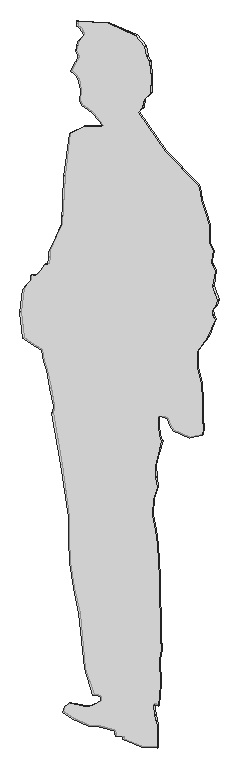
Revit family "Flat Man 17", category Entourage, Revit 2015
Parameters
  Flat Material [instance] = none
  Height = 0 mm
Reference planes
  plane 1 "Center (Front/Back)": y = 0
  plane 2: z = 0
  plane 3 "Center (Left/Right)": x = 0
Forms (mm)
  Extrusion 1, solid, material <- "Flat Material"
    sketch origin (0, 0, 0) x (1, 0, 0) y (0, 0, 1)
      loop
        line (208.203, 1514.572) -> (202.546, 1532.621) -> (104.775, 1587.572) -> (25.377, 1662.333) -> (39.335, 1678.362) -> (44.357, 1703.463) -> (54.288, 1714.231) -> (63.339, 1725.613) -> (64.138, 1766.092) -> (60.183, 1807.863) -> (55.428, 1812.603) -> (50.688, 1817.352) -> (45.854, 1842.993) -> (18.76, 1862.383) -> (-63.119, 1866.123) -> (-154.957, 1839.502) -> (-154.957, 1831.593) -> (-154.957, 1823.683) -> (-150.203, 1823.683) -> (-145.457, 1823.683) -> (-139.829, 1817.183) -> (-135.977, 1807.863) -> (-151.338, 1785.763) -> (-158.113, 1757.242) -> (-153.808, 1751.213) -> (-151.788, 1741.423) -> (-163.275, 1722.723) -> (-172.237, 1703.863) -> (-172.237, 1699.503) -> (-162.198, 1694.822) -> (-151.788, 1687.643) -> (-143.864, 1659.073) -> (-147.667, 1631.323) -> (-141.915, 1622.322) -> (-108.852, 1612.242) -> (-79.026, 1589.573) -> (-133.521, 1568.232) -> (-177.094, 1535.782) -> (-192.63, 1417.383) -> (-199.239, 1289.022) -> (-217.906, 1246.502) -> (-237.209, 1203.602) -> (-236.917, 1187.323) -> (-240.37, 1168.802) -> (-245.111, 1167.212) -> (-249.865, 1165.642) -> (-261.577, 1145.582) -> (-275.171, 1127.672) -> (-283.633, 1124.962) -> (-290.991, 1121.342) -> (-290.991, 1115.013) -> (-290.991, 1108.692) -> (-302.192, 1093.363) -> (-313.133, 1077.053) -> (-321.711, 1012.112) -> (-313.133, 947.346) -> (-287.966, 940.477) -> (-259.351, 934.69) -> (-253.906, 907.387) -> (-243.526, 887.236) -> (-233.645, 843.216) -> (-224.55, 798.649) -> (-225.228, 789.465) -> (-227.714, 779.667) -> (-202.139, 653.332) -> (-180.263, 523.411) -> (-178.679, 464.884) -> (-177.094, 406.357) -> (-165.251, 340.736) -> (-148.627, 279.808) -> (-131.972, 140.553) -> (-107.501, 79.092) -> (-98.043, 81.949) -> (-85.35, 82.253) -> (-85.35, 77.509) -> (-85.35, 72.763) -> (-104.143, 57.999) -> (-123.312, 44.289) -> (-175.023, 36.282) -> (-191.881, 21.305) -> (-197.318, 3.439) -> (-166.037, -4.475) -> (-120.152, -6.329) -> (-87.074, 1.583) -> (-44.225, 6.327) -> (-42.945, -0.959) -> (-41.055, -6.329) -> (-29.854, -2.678) -> (-18.905, 0) -> (-18.905, -6.329) -> (35.379, -6.329) -> (82.319, 7.73) -> (81.673, 37.588) -> (82.319, 67.841) -> (74.593, 90.401) -> (69.663, 118.458) -> (77.574, 118.458) -> (85.489, 118.458) -> (91.087, 177.847) -> (88.653, 241.846) -> (92.941, 269.733) -> (91.814, 301.956) -> (88.653, 456.974) -> (84.16, 499.685) -> (82.319, 542.393) -> (75.429, 579.363) -> (66.508, 615.156) -> (70.486, 657.715) -> (82.319, 694.248) -> (77.776, 719.294) -> (75.994, 748.032) -> (85.889, 783.117) -> (94.983, 820.797) -> (93.399, 822.38) -> (91.814, 823.957) -> (85.946, 850.431) -> (85.489, 880.907) -> (96.626, 883.327) -> (110.795, 884.068) -> (118.081, 869.335) -> (129.785, 858.759) -> (176.45, 855.94) -> (215.197, 877.741) -> (217.604, 897.669) -> (215.197, 922.037) -> (213.613, 967.911) -> (212.028, 1013.783) -> (200.373, 1048.782) -> (199.377, 1092.873) -> (230.142, 1140.182) -> (253.159, 1197.273) -> (245.222, 1203.342) -> (243.673, 1216.251) -> (253.755, 1230.022) -> (259.484, 1247.892) -> (244.916, 1281.563) -> (253.159, 1323.822) -> (246.865, 1332.863) -> (240.503, 1342.802) -> (243.673, 1358.622) -> (246.833, 1374.443) -> (240.633, 1383.183) -> (234.178, 1390.253) -> (234.178, 1413.982) -> (234.178, 1437.712) -> (224.073, 1467.552) -> (212.028, 1494.663) -> (208.203, 1514.572)
    from -2.5 to 2.5
Lines and regions (mm)
  model lines
    curve 1: line (-150, 0, 0) -> (150, 0, 0)
    curve 2: line (0, -150, 0) -> (0, 150, 0)
Dimensions and locks
  aligned and locked: level to plane 2
